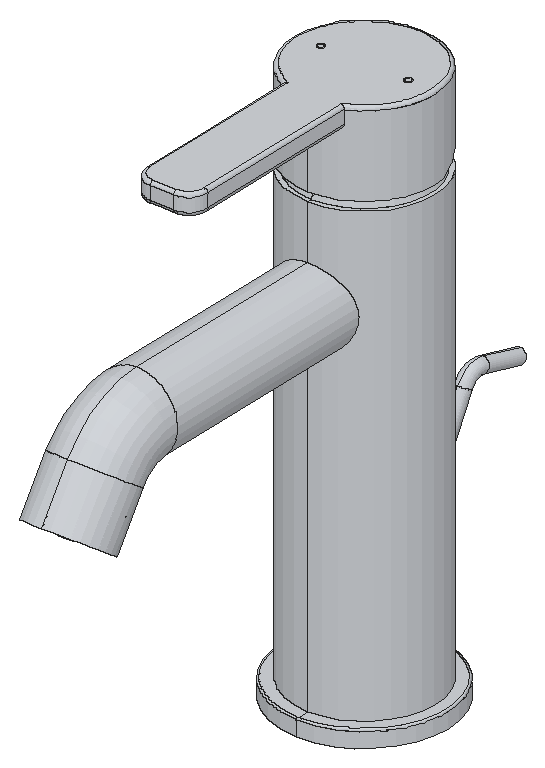
Revit family "Faucet-Lavatory-KOHLER-Atom-K-34310X", category Plumbing Fixtures, host Face, Revit 2021
Family settings
  Host = Face
  Round Connector Dimension = Use Diameter
  Part Type = Normal
  OmniClass Number = 23.31.11.00
  OmniClass Title = Faucets
  Cut with Voids When Loaded = No
  Shared = No
  Room Calculation Point = No
Parameters (values of type "CP-Polished Chrome")
  Width = 1.9685"  # constant formula
  WaterSense Certified = 1 = 0  # no
  Waste Water Outlet = "Waste Water Outlet"  # constant formula
  Waste Connection = 1 = 0  # no
  Vent Connection = 1 = 0  # no
  URL = "https://www.kohler.co.th/"
  Type = 1
  Spout Reach = Length  # 4.33071"
  Product Page URL = ""
  Product Name = "Atom"  # constant formula
  Product Documentation Link = ""
  Pressure = 0.00 psi
  Model = "K-34310X-4-CP"  # constant formula
  Material = "Premium Metal Construction"  # constant formula
  Master Format 2014 Name = "Residential Faucets, Supplies, and Trim"  # constant formula
  Master Format 2014 = "22 41 39"  # constant formula
  Manufacturer Address = "16th Floor, Jasmine City Building 2, Soi Sukhumvit 23, Sukhumvit Road, Khlong Toei Nuea, Watthana, Bangkok 10110"  # constant formula
  Manufacturer = "Kohler Co."  # constant formula
  Length = 4.33071"  # constant formula
  Hot Water Inlet = "Hot Water Inlet"  # constant formula
  Height = 6.62992"  # constant formula
  Handle Clearance = 2.95276"  # constant formula
  HW Connection = 1 = 1  # yes
  Flow Rate = 2.2 GPM  # constant formula
  Finish = Kohler-Metal-CP-Polished_Chrome
  Environmental Product Declaration = ""
  Drain Included = 1 = 0  # no
  Description = "Single Control Lavatory Faucet With Lever Handle"  # constant formula
  Default Elevation = 36"
  Declare Label = ""
  Date Modified = "12/28/2023"  # constant formula
  Date Created = "12/28/2023"  # constant formula
  Copyright = "Copyright Kohler Co."  # constant formula
  Contact Us = "https://www.kohler.co.th/contact-us"
  Cold Water Inlet = "Cold Water Inlet"  # constant formula
  CW Connection = 1 = 1  # yes
  Assembly Code = "D2010"
  ADA Compliant = 1 = 0  # no
Reference planes (in)
  plane 1 "Center (Front/Back)": y = 0
  plane 2: z = 0
  plane 3 "Center (Left/Right)": x = 0
  plane 4: y = 0.98425
  plane 5: x = -0.98425
  plane 6: x = 0.98425
  plane 7: y = -0.98425
  plane 8: y = -2.95276
  plane 9: y = -4.71654
  plane 10: z = 3.55512
  plane 11: z = 6.62992
  plane 12: y = -4.33071
  plane 13: through (0, -2.1777, 6.62994) normal (0, -0.8192, 0.5736)
  plane 14: x = -0.51181
  plane 15: x = 0.51181
  plane 16: x = -0.7874
  plane 17: y = 0.82677
  plane 18: x = 0.7874
  plane 19: y = -0.7874
  plane 20: y = 2.2714
  plane 21: z = 2.79912
  plane 22: through (0, 0.74802, 0) normal (0, 0.5736, 0.8192)
Dimensions and locks (in)
  plane 9 to plane 1 "Center (Front/Back)" = 4.71654"
  plane 14 to plane 15 = 1.02362"
  plane 1 "Center (Front/Back)" to plane 17 = 0.82677"
  plane 16 to plane 14 = 0.27559"
  "Height": plane 11 to level
  "Handle Clearance": plane 1 "Center (Front/Back)" to plane 8
  plane 4 to plane 9 = 5.70079"
  level to plane 10 = 3.55512"
  plane 4 to plane 7 = 1.9685"
  "Length": plane 1 "Center (Front/Back)" to plane 12
  "Width": plane 5 to plane 6
  plane 20 to nested 1 = 2.2714"
  plane 21 to level = 2.79912"
  aligned and locked: plane 2 to host face
  aligned and locked: level to host face
  aligned and locked: plane 1 "Center (Front/Back)" to nested 1
  aligned and locked: plane 3 "Center (Left/Right)" to nested 1
Automatic sketch dimensions
  host sketch curve to host sketch curve = 96"  (x2)
Nested families (in)
  nested 1: "K-34310X" at (0, 0, 0), type "K-34310X"
Connectors (in)
  piping at (-0.51181, 0, 0), diameter 0.5, driven by "Flow Rate", driven by "HW Connection", driven by "Hot Water Inlet"
    settings: on nested 1, index 1, connector inside diameter 24", connector length 0", flow factor 0, pipe flow 2.2 GPM, pressure drop 0.00 psi, fitting loss kfactor 0, connector angle 0.00°, fixture units 0, engagement length 0", angle of deflection 0.00°, flow configuration 1, flow direction 1, fitting loss method 0, system type 19, joint type 0, gender type 0, connector reference index -1, connector utility 1, adjustable connector no, is connector primary yes, connector description "Hot Water Inlet"
  piping at (0.51181, 0, 0), diameter 0.5, driven by "Flow Rate", driven by "CW Connection", driven by "Cold Water Inlet"
    settings: on nested 1, index 2, connector inside diameter 24", connector length 0", flow factor 0, pipe flow 2.2 GPM, pressure drop 0.00 psi, fitting loss kfactor 0, connector angle 0.00°, fixture units 0, engagement length 0", angle of deflection 0.00°, flow configuration 1, flow direction 1, fitting loss method 0, system type 20, joint type 0, gender type 0, connector reference index -1, connector utility 1, adjustable connector no, is connector primary no, connector description "Cold Water Inlet"
Definition of nested family "K-34310X"
  Parameters
    Material = none
    Default Elevation = 0"
  Reference planes (in)
    plane 1 "Center (Front/Back)": y = 0
    plane 2: z = 0
    plane 3 "Center (Left/Right)": x = 0
    plane 4: y = 0.98425
    plane 5: y = -0.98425
    plane 6: z = 6.62992
    plane 7: y = -4.33071
    plane 8: y = -4.71654
    plane 9: x = -0.98425
    plane 10: x = 0.98425
    plane 11: y = -2.95276
    plane 12: z = 3.55512
    plane 13: through (0, -4.33071, 3.55512) normal (0, 0.8192, -0.5736)
    plane 14: x = 0.51181
    plane 15: x = -0.51181
    plane 16: x = -0.7874
    plane 17: x = 0.7874
    plane 18: y = -0.7874
    plane 19: y = 0.7874
    plane 20: y = 2.2714
    plane 21: z = 2.79912
    plane 22: through (0, -4.71654, 3.82632) normal (0, -0.5736, -0.8192)
  Forms (in)
    Revolve 1, solid, material <- "Material", detail levels medium+fine
      sketch origin (0, 0, 0) x (0, 1, 0) y (0, 0, 1)
        loop
          line (0, 0) -> (0.98425, 0) -> (0.98425, 0.17717)
          arc (0.98425, 0.17717) -> (0.97849, 0.19108) -> (0.96457, 0.19685) r 0.01969
          line (0.96457, 0.19685) -> (0.82687, 0.19685) -> (0.82687, 5.53916) -> (0.77186, 5.53916)
          arc (0.77186, 5.53916) -> (0.70542, 5.7435) -> (0.58407, 5.92082) r 0.75436
          line (0.58407, 5.92082) -> (0, 5.92082) -> (0, 0)
        axis (0, 0) -> (0, 5.92082)
      angle from 0 to 360
    Sweep 2, solid, material <- "Material", detail levels medium+fine
      path origin (0, 0, 0) x (1, 0, 0) y (0, 1, 0)
        loop
          line (-0.35433, -0.46431) -> (-0.35433, -2.73621)
          arc (-0.35433, -2.73621) -> (-0.29091, -2.88932) -> (-0.1378, -2.95275) r 0.21654
          line (-0.1378, -2.95275) -> (0.13774, -2.95275)
          arc (0.13774, -2.95275) -> (0.29086, -2.88932) -> (0.35428, -2.73621) r 0.21654
          line (0.35428, -2.73621) -> (0.35428, -0.46436)
      profile origin (-0.00003, -2.95275, 0) x (0, 1, 0) y (0, 0, 1)
        loop
          arc (0, 6.43276) -> (0.01153, 6.40492) -> (0.03937, 6.39339) r 0.03937
          line (0.03937, 6.39339) -> (0.07154, 6.39339) -> (0.07154, 6.62994) -> (0.03937, 6.62994)
          arc (0.03937, 6.62994) -> (0.01153, 6.61841) -> (0, 6.59057) r 0.03937
          line (0, 6.59057) -> (0, 6.43276)
    Revolve 3, solid, material <- "Material", detail levels medium+fine
      sketch origin (0, 0, 0) x (0, 1, 0) y (0, 0, 1)
        loop
          line (0, 5.64536) -> (0, 6.62994) -> (-0.7874, 6.62994)
          arc (-0.7874, 6.62994) -> (-0.81524, 6.61841) -> (-0.82677, 6.59057) r 0.03937
          line (-0.82677, 6.59057) -> (-0.82677, 5.64536) -> (0, 5.64536)
        axis (0, 6.62994) -> (0, 5.64536)
      angle from 0 to 360
    Extrusion 4, void
      sketch origin (0, 0, 0) x (0, 1, 0) y (0, 0, 1)
        loop
          line (0.98812, 5.96475) -> (-0.00947, 5.59583) -> (0.98812, 5.59583) -> (0.98812, 5.96475)
      from -1.0149 to 1.00536
    Extrusion 5, solid, material <- "Material", detail levels medium+fine
      sketch origin (0, 0, 0) x (1, 0, 0) y (0, 1, 0)
        loop
          line (0.28274, -0.46436) -> (-0.2828, -0.46436) -> (-0.2828, -2.73621)
          arc (-0.2828, -2.73621) -> (-0.24033, -2.83874) -> (-0.1378, -2.88121) r 0.145
          line (-0.1378, -2.88121) -> (0.13774, -2.88121)
          arc (0.13774, -2.88121) -> (0.24027, -2.83874) -> (0.28274, -2.73621) r 0.145
          line (0.28274, -2.73621) -> (0.28274, -0.46436)
      from 6.39339 to 6.62994
    Extrusion 6, void
      sketch origin (0, 0, 0) x (1, 0, 0) y (0, 0, 1)
        loop
          circle (0, 6.26388) r 0.14173
      from -0.98812 to -0.64136
    Extrusion 7, solid, detail levels medium+fine
      sketch origin (0, 0, 0) x (1, 0, 0) y (0, 0, 1)
        loop
          circle (0, 6.26388) r 0.1378
      from -0.82703 to -0.64136
    Revolve 8, solid, material <- "Material", detail levels coarse
      sketch origin (0, 0, 0) x (0, 1, 0) y (0, 0, 1)
        loop
          line (0, 0) -> (0.98425, 0) -> (0.98425, 0.19685) -> (0.82687, 0.19685) -> (0.82687, 5.53916) -> (0.58407, 5.92082) -> (0, 5.92082) -> (0, 0)
        axis (0, 0) -> (0, 5.92082)
      angle from 0 to 360
    Revolve 9, solid, material <- "Material", detail levels coarse
      sketch origin (0, 0, 0) x (0, 1, 0) y (0, 0, 1)
        loop
          line (0, 5.64536) -> (0, 6.62994) -> (-0.7874, 6.62994)
          arc (-0.7874, 6.62994) -> (-0.81524, 6.61841) -> (-0.82677, 6.59057) r 0.03937
          line (-0.82677, 6.59057) -> (-0.82677, 5.64536) -> (0, 5.64536)
        axis (0, 6.62994) -> (0, 5.64536)
      angle from 0 to 360
    Extrusion 10, solid, material <- "Material", detail levels coarse
      sketch origin (0, 0, 0) x (1, 0, 0) y (0, 1, 0)
        loop
          line (-0.35433, -0.46436) -> (-0.35433, -2.73621)
          arc (-0.35433, -2.73621) -> (-0.29091, -2.88932) -> (-0.1378, -2.95275) r 0.21654
          line (-0.1378, -2.95275) -> (0.13774, -2.95275)
          arc (0.13774, -2.95275) -> (0.29086, -2.88932) -> (0.35428, -2.73621) r 0.21654
          line (0.35428, -2.73621) -> (0.35428, -0.46436) -> (-0.35433, -0.46436)
      from 6.39339 to 6.62994
    Sweep 11, solid, material <- "Material", detail levels medium+fine
      path origin (0, 0, 0) x (0, 1, 0) y (0, 0, 1)
        loop
          line (-4.33139, 3.55415) -> (-3.94567, 4.10503)
          arc (-3.94567, 4.10503) -> (-3.67372, 4.34352) -> (-3.32238, 4.42949) r 0.7609
          line (-3.32238, 4.42949) -> (-0.18232, 4.42949)
      profile origin (0, -1.75235, 4.42949) x (0, 0, 1) y (1, 0, 0)
        loop
          circle (0, 0) r 0.47244
    Sweep 12, void
      path origin (0, 0, 0) x (0, 1, 0) y (0, 0, 1)
        loop
          line (-4.3973, 3.46003) -> (-4.11658, 3.86094)
      profile origin (0, -4.25694, 3.66048) x (0, -0.819152, 0.573576) y (1, 0, 0)
        loop
          circle (0, 0) r 0.43307
    Revolve 13, solid, detail levels medium+fine
      sketch origin (0, 0, 0) x (0, 1, 0) y (0, 0, 1)
        loop
          line (-4.338, 3.54472) -> (-4.11658, 3.86094) -> (-4.47133, 4.10934) -> (-4.58424, 3.94809) -> (-4.47639, 3.87257) -> (-4.54101, 3.75262) -> (-4.50996, 3.73088)
          arc (-4.50996, 3.73088) -> (-4.43501, 3.62761) -> (-4.338, 3.54472) r 0.54215
        axis (-4.11658, 3.86094) -> (-4.338, 3.54472)
      angle from 0 to 360
    Extrusion 14, void
      sketch origin (0, 0, 0) x (0, 1, 0) y (0, 0, 1)
        loop
          line (-4.41231, 3.52874) -> (-4.32874, 3.47023) -> (-4.20965, 3.64032) -> (-4.29321, 3.69883) -> (-4.41231, 3.52874)
      from -0.34375 to 0.31622
    Sweep 15, solid, material <- "Material", detail levels coarse
      path origin (0, 0, 0) x (0, 1, 0) y (0, 0, 1)
        loop
          line (-4.33139, 3.55415) -> (-3.94567, 4.10503)
          arc (-3.94567, 4.10503) -> (-3.67372, 4.34352) -> (-3.32238, 4.42949) r 0.7609
          line (-3.32238, 4.42949) -> (-0.18232, 4.42949)
      profile origin (0, -1.75235, 4.42949) x (0, 0, 1) y (1, 0, 0)
        loop
          circle (0, 0) r 0.47244
    Extrusion 16, void
      sketch origin (0, 0, 0) x (1, 0, 0) y (0, 1, 0)
        loop
          circle (-0.51181, 0) r 0.03937
      from 6.53296 to 6.66894
    Extrusion 17, void
      sketch origin (0, 0, 0) x (-1, 0, 0) y (0, -1, 0)
        loop
          circle (-0.51181, 0) r 0.03937
      from 6.53296 to 6.66894
    Extrusion 18, solid
      sketch origin (0, 0, 0) x (1, 0, 0) y (0, 1, 0)
        loop
          circle (-0.51181, 0) r 0.03937
      from 6.53296 to 6.62994
    Extrusion 19, solid
      sketch origin (0, 0, 0) x (-1, 0, 0) y (0, -1, 0)
        loop
          circle (-0.51181, 0) r 0.03937
      from 6.53296 to 6.62994
    Extrusion 20, solid, material <- "Material"
      sketch origin (0, 0, 0) x (1, 0, 0) y (0, 1, 0)
        loop
          circle (-0.51181, 0) r 0.11811
      from 0 to 0.19685
    Extrusion 21, solid, material <- "Material"
      sketch origin (0, 0, 0) x (1, 0, 0) y (0, 1, 0)
        loop
          circle (0.51181, 0) r 0.11811
      from 0 to 0.19685
    Sweep 22, solid, material <- "Material"
      path origin (0, 0, 0) x (0, 1, 0) y (0, 0, 1)
        loop
          line (2.25263, 2.56967) -> (1.71186, 2.71457)
          arc (1.71186, 2.71457) -> (1.55842, 2.70384) -> (1.44411, 2.60092) r 0.23622
          line (1.44411, 2.60092) -> (0.11152, 0.19685)
      profile origin (0, 2.25263, 2.56967) x (0, -0.258819, -0.965926) y (1, 0, 0)
        loop
          circle (0, 0) r 0.0845
    Revolve 23, void
      sketch origin (0, 0, 0) x (0, 1, 0) y (0, 0, 1)
        loop
          line (0.62811, 1.15163) -> (1.12023, 2.00402) -> (1.02221, 2.06061) -> (0.53009, 1.20822) -> (0.62811, 1.15163)
        axis (1.12023, 2.00402) -> (0.62811, 1.15163)
      angle from 0 to 360
  Cuts and joins
    Extrusion 4, Extrusion 6, Extrusion 16, Extrusion 17 cuts Revolve 3
    joined: Sweep 2, Revolve 3, Extrusion 5
    Sweep 12 cuts Sweep 11
    Extrusion 14 cuts Revolve 13
    Extrusion 16, Extrusion 17 cuts Revolve 9
    joined: Revolve 9, Extrusion 10
    Revolve 23 cuts Revolve 8
    Revolve 23 cuts Revolve 1
  Lines and regions (in)
    Masking region 1
      outline origin (0, 0, 0) x (1, 0, 0) y (0, 1, 0)
        loop
          arc (-0.98425, 0) -> (-0.8471, -0.50179) -> (-0.47244, -0.86269) r 0.97995
          line (-0.47244, -0.86269) -> (-0.47244, -4.33066)
          arc (-0.47244, -4.33066) -> (-0.45728, -4.43034) -> (-0.41315, -4.52101) r 0.33515
          arc (-0.41315, -4.52101) -> (-0.33562, -4.60507) -> (-0.23776, -4.66424) r 0.40693
          arc (-0.23776, -4.66424) -> (-0.12133, -4.7015) -> (0, -4.71654) r 0.65683
          arc (0, -4.71654) -> (0.12133, -4.7015) -> (0.23776, -4.66424) r 0.65683
          arc (0.23776, -4.66424) -> (0.33562, -4.60507) -> (0.41315, -4.52101) r 0.40693
          arc (0.41315, -4.52101) -> (0.45728, -4.43034) -> (0.47244, -4.33066) r 0.33515
          line (0.47244, -4.33066) -> (0.47244, -0.86269)
          arc (0.47244, -0.86269) -> (0.8471, -0.50179) -> (0.98425, 0) r 0.97995
          arc (0.98425, 0) -> (0.72525, 0.66541) -> (0.08454, 0.98061) r 0.98425
          line (0.08454, 0.98061) -> (0.08454, 2.24737)
          spline (0.08454, 2.24737) -> (0.08415, 2.24962) -> (0.08296, 2.25185) -> (0.08099, 2.25404) -> (0.07826, 2.25616) -> (0.0748, 2.25821) -> (0.07064, 2.26015) -> (0.06581, 2.26197) -> (0.06036, 2.26365) -> (0.05435, 2.26518) -> (0.04783, 2.26654) -> (0.04086, 2.26772) -> (0.0335, 2.26871)
          arc (0.0335, 2.26871) -> (0.01678, 2.27037) -> (0, 2.2714) r 0.44329
          arc (0, 2.2714) -> (-0.01699, 2.27035) -> (-0.03392, 2.26863) r 0.4323
          spline (-0.03392, 2.26863) -> (-0.04118, 2.26763) -> (-0.04806, 2.26644) -> (-0.0545, 2.26507) -> (-0.06043, 2.26355) -> (-0.06579, 2.26187) -> (-0.07055, 2.26006) -> (-0.07465, 2.25813) -> (-0.07806, 2.2561) -> (-0.08075, 2.25399) -> (-0.08268, 2.25182) -> (-0.08385, 2.2496) -> (-0.08424, 2.24737)
          line (-0.08424, 2.24737) -> (-0.08424, 0.98064)
          arc (-0.08424, 0.98064) -> (-0.72514, 0.66552) -> (-0.98425, 0) r 0.98425
    Masking region 2
      outline origin (0, 0, 0) x (1, 0, 0) y (0, 0, 1)
        loop
          line (-0.7874, 6.59055) -> (-0.7874, 5.6457) -> (-0.7314, 5.6457)
          arc (-0.7314, 5.6457) -> (-0.74734, 5.59322) -> (-0.75653, 5.53914) r 0.43336
          line (-0.75653, 5.53914) -> (-0.7874, 5.53914) -> (-0.7874, 0.19688) -> (-0.96457, 0.19688)
          arc (-0.96457, 0.19688) -> (-0.97849, 0.19111) -> (-0.98425, 0.17719) r 0.01969
          line (-0.98425, 0.17719) -> (-0.98425, 0) -> (0, 0) -> (0.98425, 0) -> (0.98425, 0.17719)
          arc (0.98425, 0.17719) -> (0.97849, 0.19111) -> (0.96457, 0.19688) r 0.01969
          line (0.96457, 0.19688) -> (0.7874, 0.19688) -> (0.7874, 5.53914) -> (0.75653, 5.53914)
          arc (0.75653, 5.53914) -> (0.74734, 5.59322) -> (0.7314, 5.6457) r 0.43336
          line (0.7314, 5.6457) -> (0.7874, 5.6457) -> (0.7874, 6.59055)
          arc (0.7874, 6.59055) -> (0.77587, 6.61839) -> (0.74803, 6.62992) r 0.03937
          line (0.74803, 6.62992) -> (0, 6.62992) -> (-0.74803, 6.62992)
          arc (-0.74803, 6.62992) -> (-0.77587, 6.61839) -> (-0.7874, 6.59055) r 0.03937
    Masking region 3
      outline origin (0, 0, 0) x (0, 1, 0) y (0, 0, 1)
        loop
          arc (0.7874, 6.59055) -> (0.77587, 6.61839) -> (0.74803, 6.62992) r 0.03937
          line (0.74803, 6.62992) -> (-2.91339, 6.62992)
          arc (-2.91339, 6.62992) -> (-2.94122, 6.61839) -> (-2.95276, 6.59055) r 0.03937
          line (-2.95276, 6.59055) -> (-2.95276, 6.43321)
          arc (-2.95276, 6.43321) -> (-2.94122, 6.40537) -> (-2.91339, 6.39384) r 0.03937
          line (-2.91339, 6.39384) -> (-0.86614, 6.39384)
          arc (-0.86614, 6.39384) -> (-0.81046, 6.37078) -> (-0.7874, 6.3151) r 0.07874
          line (-0.7874, 6.3151) -> (-0.7874, 5.64542) -> (-0.7299, 5.64542)
          arc (-0.7299, 5.64542) -> (-0.74428, 5.59249) -> (-0.75655, 5.53903) r 1.38621
          line (-0.75655, 5.53903) -> (-0.7874, 5.53903) -> (-0.7874, 4.94864)
          arc (-0.7874, 4.94864) -> (-0.79893, 4.92081) -> (-0.82677, 4.90927) r 0.03937
          line (-0.82677, 4.90927) -> (-3.20361, 4.90927)
          arc (-3.20361, 4.90927) -> (-3.87298, 4.74548) -> (-4.39108, 4.29112) r 1.44963
          line (-4.39108, 4.29112) -> (-4.71654, 3.82632) -> (-3.94334, 3.28492) -> (-3.60574, 3.76706)
          arc (-3.60574, 3.76706) -> (-3.43995, 3.91246) -> (-3.22575, 3.96487) r 0.46388
          line (-3.22575, 3.96487) -> (-0.82677, 3.96487)
          arc (-0.82677, 3.96487) -> (-0.79893, 3.95334) -> (-0.7874, 3.9255) r 0.03937
          line (-0.7874, 3.9255) -> (-0.7874, 0.19685) -> (-0.96457, 0.19685)
          arc (-0.96457, 0.19685) -> (-0.97849, 0.19108) -> (-0.98425, 0.17717) r 0.01969
          line (-0.98425, 0.17717) -> (-0.98425, 0) -> (0, 0) -> (0.98425, 0) -> (0.98425, 0.17717)
          arc (0.98425, 0.17717) -> (0.97849, 0.19108) -> (0.96457, 0.19685) r 0.01969
          line (0.96457, 0.19685) -> (0.7874, 0.19685) -> (0.7874, 1.25207) -> (1.49601, 2.53043)
          arc (1.49601, 2.53043) -> (1.59126, 2.6162) -> (1.71912, 2.62514) r 0.19685
          line (1.71912, 2.62514) -> (2.19892, 2.49658) -> (2.23387, 2.49964) -> (2.2714, 2.6397) -> (2.24266, 2.65982) -> (1.76782, 2.78705)
          arc (1.76782, 2.78705) -> (1.54052, 2.77215) -> (1.36926, 2.62196) r 0.35433
          line (1.36926, 2.62196) -> (0.7874, 1.61415) -> (0.7874, 5.53917) -> (0.75665, 5.53917)
          arc (0.75665, 5.53917) -> (0.71167, 5.69256) -> (0.63735, 5.83408) r 0.80761
          line (0.63735, 5.83408) -> (0.7874, 5.88869) -> (0.7874, 6.59055)
    symbolic lines, detail levels medium+fine
      curve 1: arc (0, 0.82626, 0) -> (-0.03711, 0.82539, 0) -> (-0.07414, 0.82285, 0) r 0.82668
      curve 2: line (-0.47244, -0.86269, 0) -> (-0.47244, -0.70151, 0)
      curve 3: arc (-0.49089, -0.6649, 0) -> (-0.47732, -0.68101, 0) -> (-0.47244, -0.70151, 0) r 0.04554
      curve 4: arc (-0.47244, -0.83704, 0) -> (-0.93205, 0.24725, 0) -> (0, 0.96712, 0) r 0.96409
      curve 5: line (-0.07414, 0.82285, 0) -> (-0.12447, 0.82285, 0)
      curve 6: arc (-0.12447, 0.82285, 0) -> (-0.13974, 0.82, 0) -> (-0.15294, 0.81182, 0) r 0.04225
      curve 7: line (-0.35437, -0.79504, 0) -> (-0.35437, -2.73622, 0)
      curve 8: line (-0.13783, -2.95276, 0) -> (0, -2.95276, 0)
      curve 9: arc (-0.35437, -2.73622, 0) -> (-0.29095, -2.88933, 0) -> (-0.13783, -2.95276, 0) r 0.21654
      curve 10: arc (-0.39536, -0.72593, 0) -> (-0.36539, -0.75486, 0) -> (-0.35437, -0.79504, 0) r 0.07874
      curve 11: arc (0, 0.78781, 0) -> (-0.76253, 0.19411, 0) -> (-0.37663, -0.6919, 0) r 0.7881
      curve 12: line (-0.31515, -0.79555, 0) -> (-0.31515, -2.736, 0)
      curve 13: line (-0.13799, -2.91317, 0) -> (0, -2.91317, 0)
      curve 14: arc (-0.31515, -2.736, 0) -> (-0.26326, -2.86128, 0) -> (-0.13799, -2.91317, 0) r 0.17717
      curve 15: arc (-0.37663, -0.6919, 0) -> (-0.33168, -0.7353, 0) -> (-0.31515, -0.79555, 0) r 0.11811
      curve 16: circle (-0.51181, 0, 0) r 0.03937 normal (0, 0, 1)
      curve 17: line (-0.47244, -3.21903, 0) -> (0, -3.21903, 0)
      curve 18: arc (0, -4.37926, 0) -> (-0.22601, -4.33153, 0) -> (-0.40785, -4.18908, 0) r 0.51056
      curve 19: arc (-0.40785, -4.18908, 0) -> (-0.45116, -4.11627, 0) -> (-0.47244, -4.03426, 0) r 0.30058
      curve 20: arc (0, 0.82626, 0) -> (0.03711, 0.82539, 0) -> (0.07414, 0.82285, 0) r 0.82668
      curve 21: line (0.47244, -0.86269, 0) -> (0.47244, -0.70151, 0)
      curve 22: arc (0.49089, -0.6649, 0) -> (0.47732, -0.68101, 0) -> (0.47244, -0.70151, 0) r 0.04554
      curve 23: arc (0.47244, -0.83704, 0) -> (0.93205, 0.24725, 0) -> (0, 0.96712, 0) r 0.96409
      curve 24: line (0.07414, 0.82285, 0) -> (0.12447, 0.82285, 0)
      curve 25: arc (0.12447, 0.82285, 0) -> (0.13974, 0.82, 0) -> (0.15294, 0.81182, 0) r 0.04225
      curve 26: line (0.35437, -0.79504, 0) -> (0.35437, -2.73622, 0)
      curve 27: line (0.13783, -2.95276, 0) -> (0, -2.95276, 0)
      curve 28: arc (0.35437, -2.73622, 0) -> (0.29095, -2.88933, 0) -> (0.13783, -2.95276, 0) r 0.21654
      curve 29: arc (0.39536, -0.72593, 0) -> (0.36539, -0.75486, 0) -> (0.35437, -0.79504, 0) r 0.07874
      curve 30: arc (0, 0.78781, 0) -> (0.76253, 0.19411, 0) -> (0.37663, -0.6919, 0) r 0.7881
      curve 31: line (0.31515, -0.79555, 0) -> (0.31515, -2.736, 0)
      curve 32: line (0.13799, -2.91317, 0) -> (0, -2.91317, 0)
      curve 33: arc (0.31515, -2.736, 0) -> (0.26326, -2.86128, 0) -> (0.13799, -2.91317, 0) r 0.17717
      curve 34: arc (0.37663, -0.6919, 0) -> (0.33168, -0.7353, 0) -> (0.31515, -0.79555, 0) r 0.11811
      curve 35: circle (0.51181, 0, 0) r 0.03937 normal (0, 0, -1)
      curve 36: line (0.47244, -3.21903, 0) -> (0, -3.21903, 0)
      curve 37: arc (0, -4.37926, 0) -> (0.22601, -4.33153, 0) -> (0.40785, -4.18908, 0) r 0.51056
      curve 38: arc (0.40785, -4.18908, 0) -> (0.45116, -4.11627, 0) -> (0.47244, -4.03426, 0) r 0.30058
      curve 39: line (-0.98425, 0, 0.17719) -> (0, 0, 0.17719)
      curve 40: line (-0.7874, 0, 0.19688) -> (0, 0, 0.19688)
      curve 41: line (-0.75653, 0, 5.53914) -> (0, 0, 5.53914)
      curve 42: line (-0.745, 0, 5.6457) -> (0, 0, 5.6457)
      curve 43: line (-0.7874, 0, 6.59055) -> (0, 0, 6.59055)
      curve 44: arc (-0.35439, 0, 6.59055) -> (-0.34286, 0, 6.61839) -> (-0.31502, 0, 6.62992) r 0.03937
      curve 45: line (-0.35439, 0, 6.59055) -> (-0.35439, 0, 6.43307)
      curve 46: line (0, 0, 6.3937) -> (-0.31502, 0, 6.3937)
      curve 47: arc (-0.35439, 0, 6.43307) -> (-0.34286, 0, 6.40523) -> (-0.31502, 0, 6.3937) r 0.03937
      curve 48: line (-0.35439, 0, 6.43307) -> (0, 0, 6.43307)
      curve 49: line (-0.13955, 0, 6.62992) -> (-0.13955, 0, 6.3937)
      curve 50: line (0.98425, 0, 0.17719) -> (0, 0, 0.17719)
      curve 51: line (0.7874, 0, 0.19688) -> (0, 0, 0.19688)
      curve 52: line (0.75653, 0, 5.53914) -> (0, 0, 5.53914)
      curve 53: line (0.745, 0, 5.6457) -> (0, 0, 5.6457)
      curve 54: line (0.7874, 0, 6.59055) -> (0, 0, 6.59055)
      curve 55: arc (0.35439, 0, 6.59055) -> (0.34286, 0, 6.61839) -> (0.31502, 0, 6.62992) r 0.03937
      curve 56: line (0.35439, 0, 6.59055) -> (0.35439, 0, 6.43307)
      curve 57: line (0, 0, 6.3937) -> (0.31502, 0, 6.3937)
      curve 58: arc (0.35439, 0, 6.43307) -> (0.34286, 0, 6.40523) -> (0.31502, 0, 6.3937) r 0.03937
      curve 59: line (0.35439, 0, 6.43307) -> (0, 0, 6.43307)
      curve 60: line (0.13955, 0, 6.62992) -> (0.13955, 0, 6.3937)
      curve 61: arc (0, 0.7874, 6.39556) -> (0, 0.77308, 6.26488) -> (0, 0.7874, 6.13421) r 0.60334
      curve 62: line (0, 0.11901, 5.64542) -> (0, -0.7299, 5.64542)
      curve 63: line (0, 0.7874, 0.19685) -> (0, 0, 0.19685)
      curve 64: line (0, 0.98425, 0.17717) -> (0, 0, 0.17717)
      curve 65: line (0, -0.7874, 0.19685) -> (0, 0, 0.19685)
      curve 66: line (0, -0.98425, 0.17717) -> (0, 0, 0.17717)
      curve 67: arc (0, -0.7874, 4.94864) -> (0, -0.60509, 4.43706) -> (0, -0.78745, 3.9255) r 0.80882
      curve 68: arc (0, -0.82677, 4.90927) -> (0, -0.66485, 4.43706) -> (0, -0.82682, 3.96487) r 0.76941
      curve 69: line (0, 0.75665, 5.53917) -> (0, -0.75655, 5.53903)
      curve 70: line (0, 0.7874, 6.59055) -> (0, -2.95287, 6.59055)
      curve 71: line (0, -2.95287, 6.43321) -> (0, -0.72325, 6.43321)
      curve 72: arc (0, -0.69569, 6.62992) -> (0, -0.71581, 6.61468) -> (0, -0.72325, 6.59055) r 0.04115
      curve 73: line (0, -0.72325, 6.59055) -> (0, -0.72325, 6.43321)
      curve 74: arc (0, -0.72325, 6.43321) -> (0, -0.72861, 6.38593) -> (0, -0.74442, 6.34106) r 0.21119
      curve 75: line (0, -0.79522, 6.59055) -> (0, -0.79522, 6.43986)
      curve 76: line (0, -0.79522, 6.59055) -> (0, -0.79522, 6.62992)
      curve 77: line (0, -2.73332, 6.62992) -> (0, -2.73332, 6.39384)
      curve 78: line (0, -4.39108, 4.29112) -> (0, -3.61788, 3.74972)
      curve 79: line (0, -3.20361, 4.90927) -> (0, -3.20361, 3.96487)
      curve 80: line (0, 0.64943, 5.83848) -> (0, 0.11901, 5.64542)
      curve 81: arc (-0.07414, 0.82285, 0) -> (-0.11367, 0.81829, 0) -> (-0.15294, 0.81182, 0) r 0.82668
      curve 82: arc (0.07414, 0.82285, 0) -> (0.11367, 0.81829, 0) -> (0.15294, 0.81182, 0) r 0.82668
      curve 83: arc (0.15294, 0.81182, 0) -> (0.8157, 0.12832, 0) -> (0.39536, -0.72593, 0) r 0.82668
      curve 84: arc (-0.15294, 0.81182, 0) -> (-0.8157, 0.12832, 0) -> (-0.39536, -0.72593, 0) r 0.82668
      curve 85: arc (0, 0.7874, 1.61415) -> (0, 0.77606, 1.43311) -> (0, 0.7874, 1.25207) r 1.45041
      curve 86: line (0, 2.24266, 2.65982) -> (0, 2.19892, 2.49658)
      curve 87: arc (-0.08424, 0.98064, 0) -> (0.00015, 0.98425, 0) -> (0.08454, 0.98061, 0) r 0.98425
      curve 88: arc (-0.08424, 2.23988, 0) -> (0.00053, 2.26291, 0) -> (0.0853, 2.23988, 0) r 0.16751
      curve 89: arc (-0.00032, 0, 4.9067) -> (-0.34002, 0, 4.75333) -> (-0.47177, 0, 4.40469) r 0.48697
      curve 90: line (-0.47177, 0, 4.40469) -> (-0.47177, 0, 3.55414)
      curve 91: arc (-0.47177, 0, 3.55414) -> (-0.45944, 0, 3.49091) -> (-0.42426, 0, 3.43695) r 0.16829
      curve 92: arc (-0.42426, 0, 3.43695) -> (-0.31944, 0, 3.35603) -> (-0.19604, 0, 3.308) r 0.46424
      curve 93: arc (-0.19604, 0, 3.308) -> (-0.09882, 0, 3.29116) -> (-0.00032, 0, 3.28539) r 0.87324
      curve 94: arc (-0.47177, 0, 3.55414) -> (-0.45944, 0, 3.61736) -> (-0.42426, 0, 3.67133) r 0.16829
      curve 95: arc (-0.42426, 0, 3.67133) -> (-0.31944, 0, 3.75224) -> (-0.19604, 0, 3.80027) r 0.46424
      curve 96: arc (-0.19604, 0, 3.80027) -> (-0.09882, 0, 3.81712) -> (-0.00032, 0, 3.82289) r 0.87324
      curve 97: spline (-0.00032, 0, 3.80334) -> (-0.02714, 0, 3.80286) -> (-0.05386, 0, 3.80142) -> (-0.08037, 0, 3.79904) -> (-0.10656, 0, 3.7957) -> (-0.13235, 0, 3.79144) -> (-0.15763, 0, 3.78627) -> (-0.1823, 0, 3.7802) -> (-0.20627, 0, 3.77327) -> (-0.22945, 0, 3.76549) -> (-0.25174, 0, 3.7569) -> (-0.27306, 0, 3.74752) -> (-0.29332, 0, 3.73741)
      curve 98: spline (-0.00033, 0, 3.76392) -> (-0.00631, 0, 3.76388) -> (-0.01229, 0, 3.76377) -> (-0.01826, 0, 3.76358) -> (-0.02423, 0, 3.76332) -> (-0.03018, 0, 3.76298) -> (-0.03612, 0, 3.76257) -> (-0.04204, 0, 3.76208) -> (-0.04795, 0, 3.76152) -> (-0.05383, 0, 3.76089) -> (-0.05969, 0, 3.76018) -> (-0.06553, 0, 3.7594) -> (-0.07133, 0, 3.75855)
      curve 99: line (0.00069, 0, 3.61994) -> (-0.28112, 0, 3.61994)
      curve 100: spline (-0.28112, 0, 3.61994) -> (-0.2816, 0, 3.61789) -> (-0.28204, 0, 3.61585) -> (-0.28244, 0, 3.6138) -> (-0.28279, 0, 3.61175) -> (-0.28311, 0, 3.60969) -> (-0.28338, 0, 3.60764) -> (-0.2836, 0, 3.60558) -> (-0.28379, 0, 3.60352) -> (-0.28393, 0, 3.60146) -> (-0.28403, 0, 3.59939) -> (-0.28409, 0, 3.59733) -> (-0.28411, 0, 3.59527)
      curve 101: line (-0.27574, 0, 3.555) -> (0.00069, 0, 3.555)
      curve 102: spline (-0.27574, 0, 3.555) -> (-0.27463, 0, 3.55244) -> (-0.27346, 0, 3.5499) -> (-0.27222, 0, 3.54736) -> (-0.27091, 0, 3.54484) -> (-0.26954, 0, 3.54233) -> (-0.2681, 0, 3.53983) -> (-0.26659, 0, 3.53735) -> (-0.26502, 0, 3.53488) -> (-0.26339, 0, 3.53243) -> (-0.26169, 0, 3.52999) -> (-0.25993, 0, 3.52757) -> (-0.2581, 0, 3.52516)
      curve 103: line (-0.28411, 0, 3.59527) -> (-0.29473, 0, 3.65635)
      curve 104: arc (-0.29473, 0, 3.65635) -> (-0.29792, 0, 3.69695) -> (-0.29332, 0, 3.73741) r 0.21257
      curve 105: spline (-0.29332, 0, 3.73741) -> (-0.35041, 0, 3.70036) -> (-0.39359, 0, 3.65753) -> (-0.42114, 0, 3.61062) -> (-0.43198, 0, 3.56151) -> (-0.42567, 0, 3.51213) -> (-0.40246, 0, 3.46446) -> (-0.36327, 0, 3.42038) -> (-0.30966, 0, 3.38164) -> (-0.24377, 0, 3.34979) -> (-0.1682, 0, 3.32609) -> (-0.08596, 0, 3.31149) -> (-0.00032, 0, 3.30655)
      curve 106: arc (-0.47177, 0, 4.07043) -> (-0.26056, 0, 4.23292) -> (-0.00032, 0, 4.29027) r 0.61206
      curve 107: arc (-0.47177, 0, 4.40469) -> (-0.36261, 0, 4.78588) -> (-0.00032, 0, 4.94702) r 0.46875
      curve 108: arc (-0.00032, 0, 4.9067) -> (0.33937, 0, 4.75333) -> (0.47112, 0, 4.40469) r 0.48697
      curve 109: line (0.47112, 0, 4.40469) -> (0.47112, 0, 3.55414)
      curve 110: arc (0.47112, 0, 3.55414) -> (0.45879, 0, 3.49091) -> (0.42361, 0, 3.43695) r 0.16829
      curve 111: arc (0.42361, 0, 3.43695) -> (0.31879, 0, 3.35603) -> (0.1954, 0, 3.308) r 0.46424
      curve 112: arc (0.1954, 0, 3.308) -> (0.09818, 0, 3.29116) -> (-0.00032, 0, 3.28539) r 0.87324
      curve 113: arc (0.47112, 0, 3.55414) -> (0.45879, 0, 3.61736) -> (0.42361, 0, 3.67133) r 0.16829
      curve 114: arc (0.42361, 0, 3.67133) -> (0.31879, 0, 3.75224) -> (0.1954, 0, 3.80027) r 0.46424
      curve 115: arc (0.1954, 0, 3.80027) -> (0.09818, 0, 3.81712) -> (-0.00032, 0, 3.82289) r 0.87324
      curve 116: spline (-0.00032, 0, 3.80334) -> (0.02647, 0, 3.80286) -> (0.05316, 0, 3.80144) -> (0.07964, 0, 3.79907) -> (0.10582, 0, 3.79576) -> (0.13159, 0, 3.79153) -> (0.15685, 0, 3.78639) -> (0.18152, 0, 3.78037) -> (0.20548, 0, 3.77348) -> (0.22866, 0, 3.76575) -> (0.25095, 0, 3.75721) -> (0.27229, 0, 3.7479) -> (0.29258, 0, 3.73785)
      curve 117: spline (-0.00033, 0, 3.76392) -> (0.00582, 0, 3.76388) -> (0.01197, 0, 3.76376) -> (0.01812, 0, 3.76356) -> (0.02426, 0, 3.76328) -> (0.03039, 0, 3.76292) -> (0.0365, 0, 3.76249) -> (0.0426, 0, 3.76197) -> (0.04867, 0, 3.76138) -> (0.05473, 0, 3.76071) -> (0.06075, 0, 3.75996) -> (0.06675, 0, 3.75913) -> (0.07271, 0, 3.75823)
      curve 118: line (0.00069, 0, 3.61994) -> (0.28047, 0, 3.61994)
      curve 119: spline (0.28047, 0, 3.61994) -> (0.28096, 0, 3.61789) -> (0.28139, 0, 3.61585) -> (0.28179, 0, 3.6138) -> (0.28215, 0, 3.61175) -> (0.28246, 0, 3.60969) -> (0.28273, 0, 3.60764) -> (0.28296, 0, 3.60558) -> (0.28314, 0, 3.60352) -> (0.28329, 0, 3.60146) -> (0.28339, 0, 3.59939) -> (0.28344, 0, 3.59733) -> (0.28346, 0, 3.59527)
      curve 120: line (0.27509, 0, 3.555) -> (0.00069, 0, 3.555)
      curve 121: spline (0.27509, 0, 3.555) -> (0.27404, 0, 3.55257) -> (0.27293, 0, 3.55015) -> (0.27177, 0, 3.54775) -> (0.27054, 0, 3.54535) -> (0.26925, 0, 3.54297) -> (0.2679, 0, 3.54059) -> (0.26649, 0, 3.53823) -> (0.26502, 0, 3.53589) -> (0.2635, 0, 3.53355) -> (0.26191, 0, 3.53123) -> (0.26027, 0, 3.52892) -> (0.25857, 0, 3.52663)
      curve 122: line (0.28346, 0, 3.59527) -> (0.29408, 0, 3.65635)
      curve 123: arc (0.29408, 0, 3.65635) -> (0.29727, 0, 3.69718) -> (0.29258, 0, 3.73785) r 0.21257
      curve 124: spline (0.29258, 0, 3.73785) -> (0.35004, 0, 3.70085) -> (0.39355, 0, 3.65803) -> (0.42138, 0, 3.61111) -> (0.43242, 0, 3.56195) -> (0.42622, 0, 3.51251) -> (0.40305, 0, 3.46476) -> (0.36381, 0, 3.42061) -> (0.31007, 0, 3.3818) -> (0.24398, 0, 3.34989) -> (0.16816, 0, 3.32614) -> (0.08563, 0, 3.3115) -> (-0.00032, 0, 3.30655)
      curve 125: arc (0.47112, 0, 4.07043) -> (0.25991, 0, 4.23292) -> (-0.00032, 0, 4.29027) r 0.61206
      curve 126: arc (0.47112, 0, 4.40469) -> (0.36196, 0, 4.78588) -> (-0.00032, 0, 4.94702) r 0.46875
      curve 127: line (-0.25897, 0, 3.66443) -> (0.00069, 0, 3.66443)
      curve 128: line (0.25912, 0, 3.66337) -> (0.00069, 0, 3.66443)
      curve 129: line (-0.20292, 0, 3.71323) -> (0.20311, 0, 3.71272)
      curve 130: line (0.24786, 0, 3.51368) -> (-0.24764, 0, 3.51294)
      curve 131: line (-0.18152, 0, 3.46574) -> (0.18116, 0, 3.46574)
      curve 132: line (-0.25897, 0, 3.66443) -> (-0.25897, 0, 3.61994)
      curve 133: line (-0.20292, 0, 3.71323) -> (-0.20292, 0, 3.61994)
      curve 134: line (-0.14014, 0, 3.74168) -> (-0.14014, 0, 3.61994)
      curve 135: line (-0.07131, 0, 3.75855) -> (-0.07131, 0, 3.61994)
      curve 136: line (0.00069, 0, 3.76393) -> (0.00069, 0, 3.61994)
      curve 137: line (0.25912, 0, 3.66337) -> (0.25943, 0, 3.61994)
      curve 138: line (0.20311, 0, 3.71272) -> (0.20431, 0, 3.61994)
      curve 139: line (0.14153, 0, 3.74142) -> (0.14153, 0, 3.61994)
      curve 140: line (0.0727, 0, 3.75813) -> (0.0727, 0, 3.61994)
      curve 141: line (-0.20292, 0, 3.47746) -> (-0.20292, 0, 3.555)
      curve 142: line (-0.14014, 0, 3.44862) -> (-0.14014, 0, 3.555)
      curve 143: line (-0.07131, 0, 3.43209) -> (-0.07131, 0, 3.555)
      curve 144: line (0.00069, 0, 3.42685) -> (0.00069, 0, 3.555)
      curve 145: line (0.20431, 0, 3.47856) -> (0.20431, 0, 3.555)
      curve 146: line (0.14153, 0, 3.44932) -> (0.14153, 0, 3.555)
      curve 147: line (0.0727, 0, 3.43253) -> (0.0727, 0, 3.555)
      curve 148: spline (-0.25917, 0, 3.66448) -> (-0.26178, 0, 3.66092) -> (-0.26426, 0, 3.65733) -> (-0.26659, 0, 3.65371) -> (-0.26878, 0, 3.65005) -> (-0.27083, 0, 3.64637) -> (-0.27274, 0, 3.64266) -> (-0.2745, 0, 3.63892) -> (-0.27612, 0, 3.63516) -> (-0.27759, 0, 3.63138) -> (-0.27892, 0, 3.62758) -> (-0.28009, 0, 3.62377) -> (-0.28112, 0, 3.61994)
      curve 149: spline (-0.20307, 0, 3.71327) -> (-0.20882, 0, 3.70968) -> (-0.21438, 0, 3.706) -> (-0.21976, 0, 3.70222) -> (-0.22495, 0, 3.69835) -> (-0.22995, 0, 3.69439) -> (-0.23475, 0, 3.69034) -> (-0.23935, 0, 3.68622) -> (-0.24374, 0, 3.68201) -> (-0.24792, 0, 3.67773) -> (-0.25189, 0, 3.67338) -> (-0.25564, 0, 3.66896) -> (-0.25917, 0, 3.66448)
      curve 150: spline (-0.1402, 0, 3.74199) -> (-0.14593, 0, 3.74001) -> (-0.15158, 0, 3.73795) -> (-0.15715, 0, 3.73581) -> (-0.16264, 0, 3.7336) -> (-0.16803, 0, 3.73131) -> (-0.17333, 0, 3.72894) -> (-0.17854, 0, 3.72651) -> (-0.18365, 0, 3.724) -> (-0.18867, 0, 3.72142) -> (-0.19357, 0, 3.71877) -> (-0.19838, 0, 3.71605) -> (-0.20307, 0, 3.71327)
      curve 151: spline (-0.07133, 0, 3.75855) -> (-0.07732, 0, 3.75759) -> (-0.08328, 0, 3.75655) -> (-0.0892, 0, 3.75543) -> (-0.09507, 0, 3.75423) -> (-0.1009, 0, 3.75296) -> (-0.10668, 0, 3.75162) -> (-0.11241, 0, 3.7502) -> (-0.11809, 0, 3.7487) -> (-0.12371, 0, 3.74713) -> (-0.12927, 0, 3.74549) -> (-0.13477, 0, 3.74378) -> (-0.1402, 0, 3.74199)
      curve 152: spline (0.07271, 0, 3.75823) -> (0.07872, 0, 3.75724) -> (0.08468, 0, 3.75617) -> (0.0906, 0, 3.75502) -> (0.09648, 0, 3.75379) -> (0.10232, 0, 3.75249) -> (0.1081, 0, 3.75111) -> (0.11383, 0, 3.74966) -> (0.11951, 0, 3.74814) -> (0.12512, 0, 3.74653) -> (0.13068, 0, 3.74486) -> (0.13618, 0, 3.74312) -> (0.1416, 0, 3.7413)
      curve 153: spline (0.1416, 0, 3.7413) -> (0.14722, 0, 3.73932) -> (0.15277, 0, 3.73726) -> (0.15823, 0, 3.73513) -> (0.16361, 0, 3.73293) -> (0.1689, 0, 3.73065) -> (0.1741, 0, 3.7283) -> (0.1792, 0, 3.72588) -> (0.18422, 0, 3.72339) -> (0.18913, 0, 3.72083) -> (0.19395, 0, 3.7182) -> (0.19866, 0, 3.71551) -> (0.20326, 0, 3.71276)
      curve 154: spline (0.20326, 0, 3.71276) -> (0.20903, 0, 3.70913) -> (0.21461, 0, 3.7054) -> (0.22, 0, 3.70158) -> (0.22519, 0, 3.69767) -> (0.23019, 0, 3.69366) -> (0.23499, 0, 3.68957) -> (0.23959, 0, 3.68539) -> (0.24397, 0, 3.68114) -> (0.24814, 0, 3.67681) -> (0.25209, 0, 3.67241) -> (0.25582, 0, 3.66794) -> (0.25933, 0, 3.66341)
      curve 155: spline (0.25933, 0, 3.66341) -> (0.26183, 0, 3.65994) -> (0.26421, 0, 3.65643) -> (0.26645, 0, 3.65289) -> (0.26856, 0, 3.64932) -> (0.27053, 0, 3.64572) -> (0.27237, 0, 3.6421) -> (0.27407, 0, 3.63845) -> (0.27563, 0, 3.63478) -> (0.27705, 0, 3.6311) -> (0.27833, 0, 3.62739) -> (0.27947, 0, 3.62367) -> (0.28047, 0, 3.61994)
      curve 156: spline (0.25857, 0, 3.52663) -> (0.25774, 0, 3.52554) -> (0.2569, 0, 3.52446) -> (0.25605, 0, 3.52337) -> (0.25518, 0, 3.5223) -> (0.2543, 0, 3.52122) -> (0.25341, 0, 3.52015) -> (0.25251, 0, 3.51908) -> (0.25159, 0, 3.51802) -> (0.25066, 0, 3.51696) -> (0.24972, 0, 3.51591) -> (0.24876, 0, 3.51486) -> (0.24779, 0, 3.51381)
      curve 157: spline (0.24779, 0, 3.51381) -> (0.24477, 0, 3.51063) -> (0.24162, 0, 3.5075) -> (0.23837, 0, 3.5044) -> (0.235, 0, 3.50135) -> (0.23152, 0, 3.49834) -> (0.22793, 0, 3.49538) -> (0.22423, 0, 3.49247) -> (0.22043, 0, 3.4896) -> (0.21653, 0, 3.48678) -> (0.21252, 0, 3.48402) -> (0.20842, 0, 3.4813) -> (0.20421, 0, 3.47864)
      curve 158: spline (0.20421, 0, 3.47864) -> (0.20238, 0, 3.47752) -> (0.20053, 0, 3.4764) -> (0.19866, 0, 3.4753) -> (0.19677, 0, 3.4742) -> (0.19487, 0, 3.47312) -> (0.19295, 0, 3.47205) -> (0.19101, 0, 3.47098) -> (0.18906, 0, 3.46993) -> (0.18709, 0, 3.46889) -> (0.1851, 0, 3.46786) -> (0.1831, 0, 3.46684) -> (0.18108, 0, 3.46583)
      curve 159: spline (0.18108, 0, 3.46583) -> (0.17797, 0, 3.46432) -> (0.17482, 0, 3.46282) -> (0.17163, 0, 3.46136) -> (0.16841, 0, 3.45992) -> (0.16516, 0, 3.45851) -> (0.16187, 0, 3.45713) -> (0.15855, 0, 3.45577) -> (0.1552, 0, 3.45444) -> (0.15181, 0, 3.45315) -> (0.1484, 0, 3.45188) -> (0.14495, 0, 3.45063) -> (0.14148, 0, 3.44942)
      curve 160: spline (0.14148, 0, 3.44942) -> (0.13606, 0, 3.44761) -> (0.13057, 0, 3.44587) -> (0.12502, 0, 3.4442) -> (0.11941, 0, 3.4426) -> (0.11374, 0, 3.44108) -> (0.10802, 0, 3.43963) -> (0.10225, 0, 3.43825) -> (0.09642, 0, 3.43695) -> (0.09055, 0, 3.43573) -> (0.08464, 0, 3.43458) -> (0.07868, 0, 3.43352) -> (0.07269, 0, 3.43252)
      curve 161: spline (0.07269, 0, 3.43252) -> (0.06673, 0, 3.43162) -> (0.06073, 0, 3.4308) -> (0.05471, 0, 3.43005) -> (0.04866, 0, 3.42938) -> (0.04259, 0, 3.42879) -> (0.0365, 0, 3.42827) -> (0.03039, 0, 3.42784) -> (0.02426, 0, 3.42748) -> (0.01813, 0, 3.4272) -> (0.01199, 0, 3.42701) -> (0.00584, 0, 3.42689) -> (-0.00032, 0, 3.42685)
      curve 162: spline (-0.07128, 0, 3.43221) -> (-0.06548, 0, 3.43136) -> (-0.05965, 0, 3.43058) -> (-0.05379, 0, 3.42987) -> (-0.04791, 0, 3.42924) -> (-0.04201, 0, 3.42868) -> (-0.03609, 0, 3.42819) -> (-0.03015, 0, 3.42778) -> (-0.0242, 0, 3.42745) -> (-0.01824, 0, 3.42718) -> (-0.01227, 0, 3.427) -> (-0.00629, 0, 3.42689) -> (-0.00032, 0, 3.42685)
      curve 163: spline (-0.14007, 0, 3.44873) -> (-0.13465, 0, 3.44695) -> (-0.12915, 0, 3.44524) -> (-0.1236, 0, 3.4436) -> (-0.11799, 0, 3.44204) -> (-0.11232, 0, 3.44055) -> (-0.10659, 0, 3.43913) -> (-0.10082, 0, 3.43778) -> (-0.095, 0, 3.43652) -> (-0.08913, 0, 3.43532) -> (-0.08322, 0, 3.43421) -> (-0.07727, 0, 3.43317) -> (-0.07128, 0, 3.43221)
      curve 164: spline (-0.18172, 0, 3.46584) -> (-0.17845, 0, 3.46425) -> (-0.17515, 0, 3.46269) -> (-0.1718, 0, 3.46115) -> (-0.16842, 0, 3.45965) -> (-0.165, 0, 3.45818) -> (-0.16154, 0, 3.45673) -> (-0.15805, 0, 3.45532) -> (-0.15452, 0, 3.45394) -> (-0.15096, 0, 3.45259) -> (-0.14736, 0, 3.45127) -> (-0.14373, 0, 3.44999) -> (-0.14007, 0, 3.44873)
      curve 165: spline (-0.22061, 0, 3.48926) -> (-0.21767, 0, 3.48714) -> (-0.21468, 0, 3.48505) -> (-0.21163, 0, 3.48299) -> (-0.20852, 0, 3.48096) -> (-0.20535, 0, 3.47896) -> (-0.20213, 0, 3.47699) -> (-0.19886, 0, 3.47505) -> (-0.19553, 0, 3.47314) -> (-0.19216, 0, 3.47127) -> (-0.18873, 0, 3.46942) -> (-0.18525, 0, 3.46762) -> (-0.18172, 0, 3.46584)
      curve 166: spline (-0.2581, 0, 3.52516) -> (-0.25729, 0, 3.52413) -> (-0.25647, 0, 3.52309) -> (-0.25564, 0, 3.52206) -> (-0.2548, 0, 3.52103) -> (-0.25394, 0, 3.52001) -> (-0.25308, 0, 3.51899) -> (-0.2522, 0, 3.51797) -> (-0.25131, 0, 3.51695) -> (-0.25041, 0, 3.51594) -> (-0.24949, 0, 3.51494) -> (-0.24857, 0, 3.51393) -> (-0.24764, 0, 3.51294)
      curve 167: line (0.24779, 0, 3.51381) -> (0.24779, 0, 3.555)
      curve 168: spline (-0.24764, 0, 3.51294) -> (-0.24565, 0, 3.51086) -> (-0.24361, 0, 3.50881) -> (-0.24152, 0, 3.50677) -> (-0.23938, 0, 3.50475) -> (-0.2372, 0, 3.50274) -> (-0.23497, 0, 3.50076) -> (-0.23269, 0, 3.49879) -> (-0.23037, 0, 3.49685) -> (-0.228, 0, 3.49492) -> (-0.22558, 0, 3.49301) -> (-0.22312, 0, 3.49113) -> (-0.22061, 0, 3.48926)
      curve 169: line (-0.24764, 0, 3.51294) -> (-0.24764, 0, 3.555)
      curve 170: spline (-0.28411, 0, 3.59527) -> (-0.28404, 0, 3.59188) -> (-0.28385, 0, 3.58849) -> (-0.28356, 0, 3.58511) -> (-0.28314, 0, 3.58173) -> (-0.28262, 0, 3.57835) -> (-0.28198, 0, 3.57498) -> (-0.28122, 0, 3.57162) -> (-0.28035, 0, 3.56827) -> (-0.27937, 0, 3.56493) -> (-0.27827, 0, 3.56161) -> (-0.27706, 0, 3.55829) -> (-0.27574, 0, 3.555)
      curve 171: spline (0.28346, 0, 3.59527) -> (0.28339, 0, 3.59188) -> (0.28321, 0, 3.58849) -> (0.28291, 0, 3.58511) -> (0.2825, 0, 3.58173) -> (0.28197, 0, 3.57835) -> (0.28133, 0, 3.57498) -> (0.28057, 0, 3.57162) -> (0.2797, 0, 3.56827) -> (0.27872, 0, 3.56493) -> (0.27762, 0, 3.56161) -> (0.27641, 0, 3.55829) -> (0.27509, 0, 3.555)
      curve 172: arc (0, -0.74442, 6.34106) -> (0, -0.76206, 6.32171) -> (0, -0.7874, 6.3151) r 0.0461
      curve 173: arc (0, -0.79522, 6.43986) -> (0, -0.79901, 6.42367) -> (0, -0.80959, 6.41085) r 0.03647
      curve 174: arc (0, -0.80959, 6.41085) -> (0, -0.83632, 6.39721) -> (0, -0.86614, 6.39384) r 0.08407
  Dimensions and locks (in)
    aligned and locked: plane 2 to level
    aligned and locked: plane 1 "Center (Front/Back)" to Extrusion 20 sketch curve
    aligned and locked: plane 1 "Center (Front/Back)" to Extrusion 21 sketch curve
    aligned and locked: Masking region 3 sketch curve to plane 11
    aligned and locked: Masking region 2 sketch curve to plane 6
    aligned and locked: plane 6 to Masking region 2 sketch curve
    aligned and locked: Masking region 2 sketch curve to plane 2
    aligned and locked: plane 2 to Masking region 2 sketch curve
    aligned and locked: Masking region 3 sketch curve to plane 6
    aligned and locked: Masking region 3 sketch curve to plane 2
    aligned and locked: plane 2 to Masking region 3 sketch curve
    aligned and locked: plane 1 "Center (Front/Back)" to Extrusion 19 sketch curve
    aligned and locked: plane 14 to Extrusion 19 sketch curve
    aligned and locked: plane 14 to Extrusion 21 sketch curve
    aligned and locked: plane 1 "Center (Front/Back)" to Extrusion 18 sketch curve
    aligned and locked: plane 15 to Extrusion 18 sketch curve
    aligned and locked: plane 15 to Extrusion 20 sketch curve
    aligned and locked: plane 15 to Extrusion 16 sketch curve
    aligned and locked: plane 1 "Center (Front/Back)" to Extrusion 16 sketch curve
    aligned and locked: plane 14 to Extrusion 17 sketch curve
    aligned and locked: plane 1 "Center (Front/Back)" to Extrusion 17 sketch curve
    aligned and locked: plane 1 "Center (Front/Back)" to curve 35
    aligned and locked: plane 14 to curve 35
    aligned and locked: plane 1 "Center (Front/Back)" to curve 16
    aligned and locked: plane 15 to curve 16
    aligned and locked: plane 11 to curve 8
    aligned and locked: Masking region 2 sketch curve to plane 16
    aligned and locked: Masking region 2 sketch curve to plane 17  (x2)
    aligned and locked: Masking region 3 sketch curve to plane 19  (x2)
    aligned and locked: plane 18 to Masking region 3 sketch curve  (x2)
    aligned and locked: Masking region 3 sketch curve to plane 18
